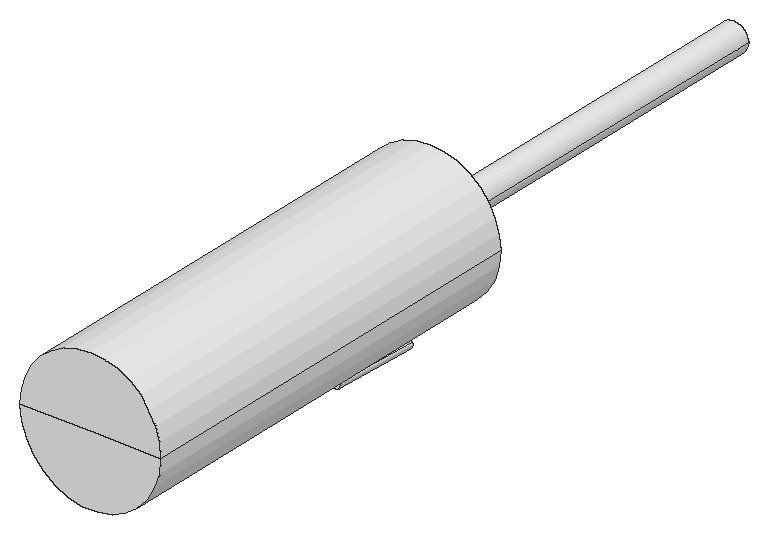
Revit family "WCBrushHolder-WallMounted-Vitra-OriginSeries-A44894", category Plumbing Fixtures, host Face, Revit 2017
Family settings
  Host = Face
  Round Connector Dimension = Use Diameter
  Part Type = Normal
  OmniClass Number = 23.45.55.00
  OmniClass Title = Sanitary Faucets, Wastes
  Cut with Voids When Loaded = No
  Shared = Yes
  Room Calculation Point = No
Parameters (values of type "WCBrushHolder-Vitra-OriginSeries(Chrome)-A44894")
  Youtube = "https://www.youtube.com/user/VitrAglobal"
  Weight Net (kg) = "1.15"
  Waste Connection = no
  Warranty Period (Year) = "5 Years"
  Vent Connection = no
  Uniformat II Description = "Plumbing Fixtures"
  Uniformat II Code = "D2010"
  Uniclass 2015 Name = "Toilet Brush Holders"
  Uniclass 2015 Code = "PR_40_20_76_86"
  Uniclass 2.0 Description = "Toilet Brush Holders"
  Uniclass 2.0 Code = "PR-35-75-86"
  Uniclass 1.4 Description = "Sanitary above ground pipes and fittings"
  Uniclass 1.4 Code = "L7313"
  URL = "https://vitraglobal.com/"
  UNSPSC Description = "Plumbing Fixtures"
  UNSPSC Code = ""
  Technical description = "https://www.vitra.com.tr/pdf/A44894/"
  Tap hole Options (default) = ""
  Specification = ""
  Region South America = "All"
  Region Oceania = "All"
  Region North America = "All"
  Region Middle East = "All"
  Region Europe = "All"
  Region Asia = "All"
  Region Antarctica = "All"
  Region Africa = "All"
  Product url = ""
  Product manual = ""
  Product group = "Origin WC Brush Holder"
  Product family = "Origin"
  Product data url = "https://www.vitraglobal.com/faucets-shower-systems-accessories/accessories/wc-brush-holder/origin-wc-brush-holder-wall-chrome-sku-a44894"
  Product certification = "https://www.vitraglobal.com/brochures/"
  Product Type = "Wc Brush Holder Wall"
  Product SKU = "A44894"
  Product Properties = ""
  Product Guid = ""
  OmniClass Description = "Toilet and Bath Specialties"
  OmniClass Code = "23-31 25 00"
  Nominal Width (mm) = 70 mm
  Nominal Height (mm) = 400 mm
  Nominal Depth (mm) = 80 mm
  NBS Referans Description = "Toilet Brush Holders"
  NBS Referans Code = "35-75-86"
  Mounting type = "Wall Mounted"
  Model = "A44894"
  Masterformat 2014 Description = "Toilet Accessories"
  Masterformat 2014 Code = "10 28 13"
  Manufacturer name = "Vitra"
  Manufacturer = "Vitra"
  Main Material = "Metal"
  Installation instructions = ""
  IFC Classification = "Sanitary Terminal"
  Help = ""
  HW Connection = no
  GTIP code = ""
  Features = ""
  EAN code = ""
  Design country = "Turkey"
  Description = "Origin Wc Brush Holder Wall"
  Default Elevation = 0 mm
  Color = "Chrome"
  Coating Material = Chrome
  Calculated flow = ""
  CW Connection = no
  COBIe Type Category = ""
  Brand = "VitrA"
  BIMobject category = "Accessories"
  Article No. (default) = "A44894"
  Approvals = ""
  ApplicationType = ""
  Accessories (default) = ""
Types (4, lengths in mm): name | Product data url | Product SKU | Model | Color | Coating Material | Article No. (default)
  WCBrushHolder-Vitra-OriginSeries(Black)-A4489436 | "https://www.vitraglobal.com/faucets-shower-systems-accessories/accessories/wc-brush-holder/origin-wc-brush-holder-wall-black-sku-a4489436" | "A4489436" | "A4489436" | "Black" | Black | "A4489436"
  WCBrushHolder-Vitra-OriginSeries(BrushedNickel)-A4489434 | "https://www.vitraglobal.com/faucets-shower-systems-accessories/accessories/wc-brush-holder/origin-wc-brush-holder-wall-brushed-nickel-sku-a4489434" | "A4489434" | "A4489434" | "Brushed Nickel" | Brushed Nickel | "A4489434"
  WCBrushHolder-Vitra-OriginSeries(Copper)-A4489426 | "https://www.vitraglobal.com/faucets-shower-systems-accessories/accessories/wc-brush-holder/origin-wc-brush-holder-wall-copper-sku-a4489426" | "A4489426" | "A4489426" | "Copper" | Copper | "A4489426"
  WCBrushHolder-Vitra-OriginSeries(Chrome)-A44894 | "https://www.vitraglobal.com/faucets-shower-systems-accessories/accessories/wc-brush-holder/origin-wc-brush-holder-wall-chrome-sku-a44894" | "A44894" | "A44894" | "Chrome" | Chrome | "A44894"
Reference planes
  plane 1 "Center (Front/Back)": y = 0
  plane 2: z = 0
  plane 3 "Center (Left/Right)": x = 0
  plane 4: y = 201.5
  plane 5: y = -198.5
  plane 6: x = 35.146
  plane 7: x = -34.854
  plane 8: z = 80
Forms (mm)
  Revolve 1, solid, material "Chrome" <- "Coating Material", detail levels medium+fine
    sketch origin (0, 0, 42) x (1, 0, 0) y (0, 1, 0)
      loop
        line (0.181, 201.5) -> (0.181, -198.5) -> (35.146, -198.5) -> (35.146, 12.5) -> (7.215, 12.5) -> (7.215, 201.5) -> (0.181, 201.5)
      axis (0.181, 201.5) -> (0.181, -198.5)
    angle from 0 to 360
  Blend 2, solid, material "Chrome" <- "Coating Material", detail levels fine
    base sketch origin (0.215, -54.5, 2.51) x (0, 0, 1) y (-1, 0, 0)
      loop
        arc (-2.475, -6.5) -> (-1.299, -8.621) -> (1.122, -8.747) r 2.501
        line (1.122, -8.747) -> (5.025, -6.809) -> (5.025, 6.809) -> (1.136, 8.74)
        arc (1.136, 8.74) -> (-1.285, 8.63) -> (-2.475, 6.5) r 2.501
        line (-2.475, 6.5) -> (-2.475, -6.5)
    top sketch origin (0.215, -54.5, 2.51) x (0, 0, 1) y (-1, 0, 0)
      loop
        line (-2.475, 8.75) -> (-2.475, -8.75)
        arc (-2.475, -8.75) -> (-1.302, -10.869) -> (1.117, -10.999) r 2.5
        line (1.117, -10.999) -> (5.025, -9.059) -> (5.025, 9.059) -> (1.117, 10.999)
        arc (1.117, 10.999) -> (-1.302, 10.869) -> (-2.475, 8.75) r 2.5
    from 0 to -42
  Extrusion 3, solid, detail levels coarse
    sketch origin (0.215, -54.5, 2.51) x (0, 0, 1) y (-1, 0, 0)
      loop
        circle (39.49, 0.035) r 34.965
    from -256 to 144
Dimensions and locks
  "Nominal Depth (mm)": plane 8 to host face
  "Nominal Height (mm)": plane 4 to plane 5
  "Nominal Width (mm)": plane 7 to plane 6
  aligned and locked: plane 2 to host face
  aligned and locked: level to host face
Automatic sketch dimensions
  host sketch curve to host sketch curve = 2438.4 mm  (x2)
  Revolve 1 sketch curve to plane 4 = 0 mm
  Revolve 1 sketch curve to plane 5 = 0 mm
  Revolve 1 sketch curve to plane 6 = 0 mm
  plane 3 "Center (Left/Right)" to Revolve 1 sketch curve = 7.215 mm
  plane 3 "Center (Left/Right)" to Revolve 1 sketch curve = 0.181 mm  (x2)
  Revolve 1 sketch curve to plane 1 "Center (Front/Back)" = 12.5 mm
  plane 5 to Revolve 1 sketch curve = 55 mm
  Revolve 1 sketch curve to Revolve 1 sketch curve = 45 mm
  level to Blend 2 sketch curve = 2.535 mm  (x4)
  Blend 2 sketch curve to Blend 2 sketch curve = 1.097 mm
  Blend 2 sketch curve to Blend 2 sketch curve = 4.999 mm
  plane 3 "Center (Left/Right)" to Blend 2 sketch curve = 8.962 mm
  Blend 2 sketch curve to Blend 2 sketch curve = 1.938 mm
  Blend 2 sketch curve to Blend 2 sketch curve = 2.247 mm
  Blend 2 sketch curve to plane 3 "Center (Left/Right)" = 6.284 mm
  Blend 2 sketch curve to Blend 2 sketch curve = 0.309 mm  (x2)
  level to Blend 2 sketch curve = 0.035 mm  (x2)
  Blend 2 sketch curve to Blend 2 sketch curve = 0 mm  (x9)
  Blend 2 sketch curve to Blend 2 sketch curve = 1.111 mm
  Blend 2 sketch curve to Blend 2 sketch curve = 0.016 mm
  Blend 2 sketch curve to Blend 2 sketch curve = 1.092 mm  (x2)
  Blend 2 sketch curve to Blend 2 sketch curve = 3.907 mm
  plane 3 "Center (Left/Right)" to Blend 2 sketch curve = 11.215 mm
  Blend 2 sketch curve to Blend 2 sketch curve = 1.94 mm
  Blend 2 sketch curve to Blend 2 sketch curve = 2.249 mm  (x2)
  Blend 2 sketch curve to plane 3 "Center (Left/Right)" = 8.535 mm
  Extrusion 3 sketch curve to Extrusion 3 sketch curve = 0 mm  (x2)
  Extrusion 3 sketch curve to plane 6 = 0 mm
  plane 3 "Center (Left/Right)" to Extrusion 3 sketch curve = 0.181 mm
  Extrusion 3 sketch curve to plane 8 = 38 mm
